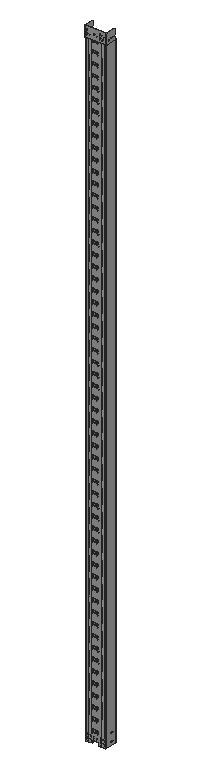
Revit family "Kabelrinne MKSM- MKSM 610 FS", category Generic Models, Revit 2017 (continued)
Dimensions and locks
  locked: Extrusion 234 sketch curve to plane 539 at 3.5
  locked: Extrusion 234 sketch curve to plane 538 at 10  (x2)
  locked: plane 538 to Extrusion 234 sketch curve at 10  (x2)
  locked: Extrusion 234 sketch curve to plane 540 at 3.5
  locked: plane 542 to plane 543 at 25
  locked: Extrusion 235 sketch curve to Extrusion 235 sketch curve at 7  (x2)
  locked: Extrusion 235 sketch curve to plane 542 at 3.5
  locked: Extrusion 235 sketch curve to plane 541 at 10  (x2)
  locked: plane 541 to Extrusion 235 sketch curve at 10  (x2)
  locked: Extrusion 235 sketch curve to plane 543 at 3.5
  locked: plane 545 to plane 546 at 25
  locked: Extrusion 236 sketch curve to Extrusion 236 sketch curve at 7  (x2)
  locked: Extrusion 236 sketch curve to plane 545 at 3.5
  locked: Extrusion 236 sketch curve to plane 544 at 10  (x2)
  locked: plane 544 to Extrusion 236 sketch curve at 10  (x2)
  locked: Extrusion 236 sketch curve to plane 546 at 3.5
  locked: plane 548 to plane 549 at 25
  locked: Extrusion 237 sketch curve to Extrusion 237 sketch curve at 7  (x2)
  locked: Extrusion 237 sketch curve to plane 548 at 3.5
  locked: Extrusion 237 sketch curve to plane 547 at 10  (x2)
  locked: plane 547 to Extrusion 237 sketch curve at 10  (x2)
  locked: Extrusion 237 sketch curve to plane 549 at 3.5
  locked: plane 551 to plane 552 at 25
  locked: Extrusion 238 sketch curve to Extrusion 238 sketch curve at 7  (x2)
  locked: Extrusion 238 sketch curve to plane 551 at 3.5
  locked: Extrusion 238 sketch curve to plane 550 at 10  (x2)
  locked: plane 550 to Extrusion 238 sketch curve at 10  (x2)
  locked: Extrusion 238 sketch curve to plane 552 at 3.5
  locked: plane 554 to plane 555 at 25
  locked: Extrusion 239 sketch curve to Extrusion 239 sketch curve at 7  (x2)
  locked: Extrusion 239 sketch curve to plane 554 at 3.5
  locked: Extrusion 239 sketch curve to plane 553 at 10  (x2)
  locked: plane 553 to Extrusion 239 sketch curve at 10  (x2)
  locked: Extrusion 239 sketch curve to plane 555 at 3.5
  locked: plane 557 to plane 558 at 25
  locked: Extrusion 240 sketch curve to Extrusion 240 sketch curve at 7  (x2)
  locked: Extrusion 240 sketch curve to plane 557 at 3.5
  locked: Extrusion 240 sketch curve to plane 556 at 10  (x2)
  locked: plane 556 to Extrusion 240 sketch curve at 10  (x2)
  locked: Extrusion 240 sketch curve to plane 558 at 3.5
  locked: plane 560 to plane 561 at 25
  locked: Extrusion 241 sketch curve to Extrusion 241 sketch curve at 7  (x2)
  locked: Extrusion 241 sketch curve to plane 560 at 3.5
  locked: Extrusion 241 sketch curve to plane 559 at 10  (x2)
  locked: plane 559 to Extrusion 241 sketch curve at 10  (x2)
  locked: Extrusion 241 sketch curve to plane 561 at 3.5
  locked: plane 563 to plane 564 at 25
  locked: Extrusion 242 sketch curve to Extrusion 242 sketch curve at 7  (x2)
  locked: Extrusion 242 sketch curve to plane 563 at 3.5
  locked: Extrusion 242 sketch curve to plane 562 at 10  (x2)
  locked: plane 562 to Extrusion 242 sketch curve at 10  (x2)
  locked: Extrusion 242 sketch curve to plane 564 at 3.5
  locked: plane 566 to plane 567 at 25
  locked: Extrusion 243 sketch curve to Extrusion 243 sketch curve at 7  (x2)
  locked: Extrusion 243 sketch curve to plane 566 at 3.5
  locked: Extrusion 243 sketch curve to plane 565 at 10  (x2)
  locked: plane 565 to Extrusion 243 sketch curve at 10  (x2)
  locked: Extrusion 243 sketch curve to plane 567 at 3.5
  locked: Extrusion 1 sketch curve to Extrusion 1 sketch curve (angle 120.00°)  (x2)
  locked: plane 31 to Extrusion 5 sketch curve (angle 20.00°)
  locked: Extrusion 5 sketch curve to plane 30 (angle 20.00°)
  aligned and locked: level to plane 2
  aligned and locked: plane 9 to Extrusion 1
  aligned and locked: plane 10 to Extrusion 2 sketch curve
  aligned and locked: Extrusion 2 to Extrusion 1
  aligned and locked: plane 14 to Extrusion 2
  aligned and locked: Extrusion 2 to plane 9
  aligned and locked: Extrusion 2 to Extrusion 3  (x2)
  aligned and locked: Extrusion 2 to Extrusion 4
  aligned and locked: Extrusion 4 to Extrusion 2
  aligned and locked: plane 29 to Extrusion 5 sketch curve
  aligned and locked: Extrusion 5 sketch curve to plane 31
  aligned and locked: plane 30 to Extrusion 5 sketch curve
  aligned and locked: Extrusion 5 sketch curve to cut or joined group of Extrusion 2, Extrusion 3, Extrusion 4, Extrusion 5, Extrusion 8  (x2)
  aligned and locked: plane 37 to Extrusion 5 sketch curve
  aligned and locked: plane 21 to Extrusion 4 sketch curve
  aligned and locked: Extrusion 4 sketch curve to cut or joined group of Extrusion 2, Extrusion 3, Extrusion 4, Extrusion 5, Extrusion 8
  aligned and locked: plane 45 to Extrusion 6 sketch curve
  aligned and locked: plane 44 to Extrusion 6 sketch curve
  aligned and locked: Extrusion 1 to Extrusion 6  (x2)
  aligned and locked: Extrusion 1 to Extrusion 7
  aligned and locked: Extrusion 8 sketch curve to Extrusion 8 sketch curve  (x5)
  aligned and locked: Extrusion 2 to Extrusion 8  (x2)
  aligned and locked: Extrusion 1 to Extrusion 9  (x2)
  aligned and locked: Extrusion 1 to Extrusion 69
  aligned and locked: Extrusion 1 to Extrusion 97
  aligned and locked: Extrusion 97 to Extrusion 69
  aligned and locked: Extrusion 125 sketch curve to Extrusion 125 sketch curve  (x2)
  aligned and locked: Extrusion 126 sketch curve to Extrusion 126 sketch curve  (x2)
  aligned and locked: Extrusion 1 to Extrusion 125
  aligned and locked: Extrusion 125 to Extrusion 69
  aligned and locked: Extrusion 126 to Extrusion 69
  aligned and locked: Extrusion 1 to Extrusion 126
  aligned and locked: Extrusion 1 to Extrusion 127
  aligned and locked: plane 1 "Center (Front/Back)" to Extrusion 127
  aligned and locked: Extrusion 1 to Extrusion 128  (x2)
  aligned and locked: Extrusion 6 to Extrusion 186
  aligned and locked: cut or joined group 1 (Extrusion 1, Extrusion 6, Extrusion 7, Extrusion 9, Extrusion 10, Extrusion 11, Extrusion 12, Extrusion 13, Extrusion 14, Extrusion 15, Extrusion 16, Extrusion 17, Extrusion 18, Extrusion 19, Extrusion 20, Extrusion 21, Extrusion 22, Extrusion 23, Extrusion 24, Extrusion 25, Extrusion 26, Extrusion 27, Extrusion 28, Extrusion 29, Extrusion 30, Extrusion 31, Extrusion 32, Extrusion 33, Extrusion 34, Extrusion 35, Extrusion 36, Extrusion 37, Extrusion 38, Extrusion 39, Extrusion 40, Extrusion 41, Extrusion 42, Extrusion 43, Extrusion 44, Extrusion 45, Extrusion 46, Extrusion 47, Extrusion 48, Extrusion 49, Extrusion 50, Extrusion 51, Extrusion 52, Extrusion 53, Extrusion 54, Extrusion 55, Extrusion 56, Extrusion 57, Extrusion 58, Extrusion 59, Extrusion 60, Extrusion 61, Extrusion 62, Extrusion 63, Extrusion 64, Extrusion 65, Extrusion 66, Extrusion 67, Extrusion 68, Extrusion 69, Extrusion 70, Extrusion 71, Extrusion 72, Extrusion 73, Extrusion 74, Extrusion 75, Extrusion 76, Extrusion 77, Extrusion 78, Extrusion 79, Extrusion 80, Extrusion 81, Extrusion 82, Extrusion 83, Extrusion 84, Extrusion 85, Extrusion 86, Extrusion 87, Extrusion 88, Extrusion 89, Extrusion 90, Extrusion 91, Extrusion 92, Extrusion 93, Extrusion 94, Extrusion 95, Extrusion 96, Extrusion 97, Extrusion 98, Extrusion 99, Extrusion 100, Extrusion 101, Extrusion 102, Extrusion 103, Extrusion 104, Extrusion 105, Extrusion 106, Extrusion 107, Extrusion 108, Extrusion 109, Extrusion 110, Extrusion 111, Extrusion 112, Extrusion 113, Extrusion 114, Extrusion 115, Extrusion 116, Extrusion 117, Extrusion 118, Extrusion 119, Extrusion 120, Extrusion 121, Extrusion 122, Extrusion 123, Extrusion 124, Extrusion 125, Extrusion 126, Extrusion 127, Extrusion 128, Extrusion 129, Extrusion 130, Extrusion 131, Extrusion 132, Extrusion 133, Extrusion 134, Extrusion 135, Extrusion 136, Extrusion 137, Extrusion 138, Extrusion 139, Extrusion 140, Extrusion 141, Extrusion 142, Extrusion 143, Extrusion 144, Extrusion 145, Extrusion 146, Extrusion 147, Extrusion 148, Extrusion 149, Extrusion 150, Extrusion 151, Extrusion 152, Extrusion 153, Extrusion 154, Extrusion 155, Extrusion 156, Extrusion 157, Extrusion 158, Extrusion 159, Extrusion 160, Extrusion 161, Extrusion 162, Extrusion 163, Extrusion 164, Extrusion 165, Extrusion 166, Extrusion 167, Extrusion 168, Extrusion 169, Extrusion 170, Extrusion 171, Extrusion 172, Extrusion 173, Extrusion 174, Extrusion 175, Extrusion 176, Extrusion 177, Extrusion 178, Extrusion 179, Extrusion 180, Extrusion 181, Extrusion 182, Extrusion 183, Extrusion 184, Extrusion 185, Extrusion 186, Extrusion 187, Extrusion 188, Extrusion 189, Extrusion 190, Extrusion 191, Extrusion 192, Extrusion 193, Extrusion 194, Extrusion 195, Extrusion 196, Extrusion 197, Extrusion 198, Extrusion 199, Extrusion 200, Extrusion 201, Extrusion 202, Extrusion 203, Extrusion 204, Extrusion 205, Extrusion 206, Extrusion 207, Extrusion 208, Extrusion 209, Extrusion 210, Extrusion 211, Extrusion 212, Extrusion 213, Extrusion 214, Extrusion 215, Extrusion 216, Extrusion 217, Extrusion 218, Extrusion 219, Extrusion 220, Extrusion 221, Extrusion 222, Extrusion 223, Extrusion 224, Extrusion 225, Extrusion 226, Extrusion 227, Extrusion 228, Extrusion 229, Extrusion 230, Extrusion 231, Extrusion 232, Extrusion 233, Extrusion 234, Extrusion 235, Extrusion 236, Extrusion 237, Extrusion 238, Extrusion 239, Extrusion 240, Extrusion 241, Extrusion 242, Extrusion 243) to cut or joined group 1  (x5)
Automatic sketch dimensions
  Extrusion 9 sketch curve to Extrusion 9 sketch curve = 5.273 mm
  Extrusion 10 sketch curve to Extrusion 10 sketch curve = 5.273 mm
  Extrusion 11 sketch curve to Extrusion 11 sketch curve = 5.273 mm
  Extrusion 12 sketch curve to Extrusion 12 sketch curve = 5.273 mm
  Extrusion 13 sketch curve to Extrusion 13 sketch curve = 5.273 mm
  Extrusion 14 sketch curve to Extrusion 14 sketch curve = 5.273 mm
  Extrusion 15 sketch curve to Extrusion 15 sketch curve = 5.273 mm
  Extrusion 16 sketch curve to Extrusion 16 sketch curve = 5.273 mm
  Extrusion 17 sketch curve to Extrusion 17 sketch curve = 5.273 mm
  Extrusion 18 sketch curve to Extrusion 18 sketch curve = 5.273 mm
  Extrusion 19 sketch curve to Extrusion 19 sketch curve = 5.273 mm
  Extrusion 20 sketch curve to Extrusion 20 sketch curve = 5.273 mm
  Extrusion 21 sketch curve to Extrusion 21 sketch curve = 5.273 mm
  Extrusion 22 sketch curve to Extrusion 22 sketch curve = 5.273 mm
  Extrusion 23 sketch curve to Extrusion 23 sketch curve = 5.273 mm
  Extrusion 24 sketch curve to Extrusion 24 sketch curve = 5.273 mm
  Extrusion 25 sketch curve to Extrusion 25 sketch curve = 5.273 mm
  Extrusion 26 sketch curve to Extrusion 26 sketch curve = 5.273 mm
  Extrusion 27 sketch curve to Extrusion 27 sketch curve = 5.273 mm
  Extrusion 28 sketch curve to Extrusion 28 sketch curve = 5.273 mm
  Extrusion 29 sketch curve to Extrusion 29 sketch curve = 5.273 mm
  Extrusion 30 sketch curve to Extrusion 30 sketch curve = 5.273 mm
  Extrusion 31 sketch curve to Extrusion 31 sketch curve = 5.273 mm
  Extrusion 32 sketch curve to Extrusion 32 sketch curve = 5.273 mm
  Extrusion 33 sketch curve to Extrusion 33 sketch curve = 5.273 mm
  Extrusion 34 sketch curve to Extrusion 34 sketch curve = 5.273 mm
  Extrusion 35 sketch curve to Extrusion 35 sketch curve = 5.273 mm
  Extrusion 36 sketch curve to Extrusion 36 sketch curve = 5.273 mm
  Extrusion 37 sketch curve to Extrusion 37 sketch curve = 5.273 mm
  Extrusion 38 sketch curve to Extrusion 38 sketch curve = 5.273 mm
  Extrusion 39 sketch curve to Extrusion 39 sketch curve = 5.273 mm
  Extrusion 40 sketch curve to Extrusion 40 sketch curve = 5.273 mm
  Extrusion 41 sketch curve to Extrusion 41 sketch curve = 5.273 mm
  Extrusion 42 sketch curve to Extrusion 42 sketch curve = 5.273 mm
  Extrusion 43 sketch curve to Extrusion 43 sketch curve = 5.273 mm
  Extrusion 44 sketch curve to Extrusion 44 sketch curve = 5.273 mm
  Extrusion 45 sketch curve to Extrusion 45 sketch curve = 5.273 mm
  Extrusion 46 sketch curve to Extrusion 46 sketch curve = 5.273 mm
  Extrusion 47 sketch curve to Extrusion 47 sketch curve = 5.273 mm
  Extrusion 48 sketch curve to Extrusion 48 sketch curve = 5.273 mm
  Extrusion 49 sketch curve to Extrusion 49 sketch curve = 5.273 mm
  Extrusion 50 sketch curve to Extrusion 50 sketch curve = 5.273 mm
  Extrusion 51 sketch curve to Extrusion 51 sketch curve = 5.273 mm
  Extrusion 52 sketch curve to Extrusion 52 sketch curve = 5.273 mm
  Extrusion 53 sketch curve to Extrusion 53 sketch curve = 5.273 mm
  Extrusion 54 sketch curve to Extrusion 54 sketch curve = 5.273 mm
  Extrusion 55 sketch curve to Extrusion 55 sketch curve = 5.273 mm
  Extrusion 56 sketch curve to Extrusion 56 sketch curve = 5.273 mm
  Extrusion 57 sketch curve to Extrusion 57 sketch curve = 5.273 mm
  Extrusion 58 sketch curve to Extrusion 58 sketch curve = 5.273 mm
  Extrusion 59 sketch curve to Extrusion 59 sketch curve = 5.273 mm
  Extrusion 60 sketch curve to Extrusion 60 sketch curve = 5.273 mm
  Extrusion 61 sketch curve to Extrusion 61 sketch curve = 5.273 mm
  Extrusion 62 sketch curve to Extrusion 62 sketch curve = 5.273 mm
  Extrusion 63 sketch curve to Extrusion 63 sketch curve = 5.273 mm
  Extrusion 64 sketch curve to Extrusion 64 sketch curve = 5.273 mm
  Extrusion 65 sketch curve to Extrusion 65 sketch curve = 5.273 mm
  Extrusion 66 sketch curve to Extrusion 66 sketch curve = 5.273 mm
  Extrusion 67 sketch curve to Extrusion 67 sketch curve = 5.273 mm
  Extrusion 68 sketch curve to Extrusion 68 sketch curve = 5.273 mm
  Extrusion 1 sketch curve to Extrusion 1 sketch curve = 0 mm  (x10)
  plane 1 "Center (Front/Back)" to Extrusion 1 sketch curve = 0 mm  (x2)
  Extrusion 1 sketch curve to plane 4 = 0 mm  (x2)
  Extrusion 1 sketch curve to plane 6 = 0 mm  (x2)
  Extrusion 1 sketch curve to plane 7 = 0 mm
  Extrusion 1 sketch curve to Extrusion 1 sketch curve = 1 mm  (x2)
  Extrusion 1 sketch curve to plane 6 = 6.067 mm
  Extrusion 1 sketch curve to Extrusion 1 sketch curve = 0.268 mm  (x2)
  plane 8 to Extrusion 1 sketch curve = 0.648 mm
  plane 1 "Center (Front/Back)" to Extrusion 1 sketch curve = 1.912 mm  (x3)
  plane 8 to Extrusion 1 sketch curve = 0.722 mm
  Extrusion 1 sketch curve to plane 7 = 6.062 mm
  plane 1 "Center (Front/Back)" to Extrusion 1 sketch curve = 2.778 mm
  Extrusion 4 sketch curve to plane 14 = 0 mm
  Extrusion 4 sketch curve to plane 20 = 0 mm
  plane 21 to Extrusion 4 sketch curve = 1.5 mm
  Extrusion 4 sketch curve to Extrusion 4 sketch curve = 11.168 mm
  Extrusion 4 sketch curve to Extrusion 4 sketch curve = 8.151 mm
  Extrusion 4 sketch curve to plane 20 = 5 mm
  Extrusion 4 sketch curve to Extrusion 4 sketch curve = 0.013 mm
  Extrusion 4 sketch curve to plane 14 = 3.002 mm
  Extrusion 4 sketch curve to Extrusion 4 sketch curve = 8.247 mm
  Extrusion 4 sketch curve to plane 20 = 7.962 mm
  plane 20 to Extrusion 4 sketch curve = 2.967 mm
  Extrusion 5 sketch curve to plane 28 = 0 mm
  Extrusion 5 sketch curve to plane 25 = 0 mm
  Extrusion 5 sketch curve to plane 14 = 0 mm
  Extrusion 5 sketch curve to plane 38 = 0 mm
  Extrusion 5 sketch curve to plane 29 = 1.5 mm
  Extrusion 5 sketch curve to plane 36 = 11.208 mm
  Extrusion 5 sketch curve to plane 36 = 11.221 mm
  Extrusion 5 sketch curve to Extrusion 5 sketch curve = 0.121 mm
  Extrusion 5 sketch curve to plane 14 = 3.002 mm
  Extrusion 5 sketch curve to Extrusion 5 sketch curve = 8.247 mm
  Extrusion 5 sketch curve to plane 33 = 0.026 mm
  Extrusion 5 sketch curve to plane 34 = 2.72 mm
  Extrusion 5 sketch curve to plane 30 = 2.22 mm
  Extrusion 6 sketch curve to plane 40 = 0 mm
  Extrusion 6 sketch curve to plane 45 = 0 mm
  Extrusion 6 sketch curve to plane 44 = 0 mm
  Extrusion 6 sketch curve to plane 47 = 0 mm
  Extrusion 6 sketch curve to plane 42 = 0 mm
  plane 44 to Extrusion 6 sketch curve = 8.75 mm  (x2)
  Extrusion 6 sketch curve to plane 46 = 1.898 mm  (x2)
  Extrusion 6 sketch curve to plane 42 = 0.015 mm
  plane 46 to Extrusion 6 sketch curve = 4.415 mm
  Extrusion 6 sketch curve to plane 41 = 4 mm
  Extrusion 6 sketch curve to Extrusion 6 sketch curve = 8.045 mm  (x2)
  Extrusion 6 sketch curve to Extrusion 6 sketch curve = 2.483 mm
  Extrusion 7 sketch curve to plane 40 = 0 mm  (x2)
  Extrusion 7 sketch curve to plane 42 = 0 mm
  Extrusion 7 sketch curve to plane 41 = 0 mm
  Extrusion 7 sketch curve to plane 56 = 0 mm  (x3)
  plane 40 to Extrusion 7 sketch curve = 0.75 mm
  Extrusion 7 sketch curve to plane 57 = 3.5 mm  (x2)
  Extrusion 7 sketch curve to plane 57 = 4 mm
  Extrusion 7 sketch curve to Extrusion 7 sketch curve = 3.5 mm
  Extrusion 7 sketch curve to plane 56 = 8.75 mm  (x2)
  Extrusion 7 sketch curve to plane 58 = 1.898 mm  (x2)
  Extrusion 7 sketch curve to plane 42 = 0.015 mm
  plane 58 to Extrusion 7 sketch curve = 4.415 mm
  plane 58 to Extrusion 7 sketch curve = 6.1 mm
  Extrusion 7 sketch curve to plane 41 = 4 mm  (x2)
  Extrusion 7 sketch curve to Extrusion 7 sketch curve = 4 mm
  plane 41 to Extrusion 7 sketch curve = 4 mm
  Extrusion 7 sketch curve to Extrusion 7 sketch curve = 10.95 mm
  Extrusion 7 sketch curve to Extrusion 7 sketch curve = 8.045 mm  (x2)
  Extrusion 7 sketch curve to Extrusion 7 sketch curve = 2.483 mm
  Extrusion 8 sketch curve to plane 60 = 11.1 mm
  Extrusion 127 sketch curve to plane 216 = 0 mm
  plane 217 to Extrusion 127 sketch curve = 0 mm
  Extrusion 127 sketch curve to plane 213 = 0 mm
  Extrusion 127 sketch curve to plane 219 = 0.947 mm
  Extrusion 127 sketch curve to plane 3 "Center (Left/Right)" = 5.986 mm
  Extrusion 127 sketch curve to plane 218 = 0.107 mm
  Extrusion 127 sketch curve to Extrusion 127 sketch curve = 0.001 mm
  Extrusion 127 sketch curve to plane 214 = 1.032 mm  (x2)
  Extrusion 127 sketch curve to Extrusion 127 sketch curve = 1 mm
  Extrusion 2 sketch curve to Extrusion 2 sketch curve = 0 mm  (x4)
  plane 12 to Extrusion 2 sketch curve = 3.5 mm
  Extrusion 2 sketch curve to plane 1 "Center (Front/Back)" = 1.75 mm
